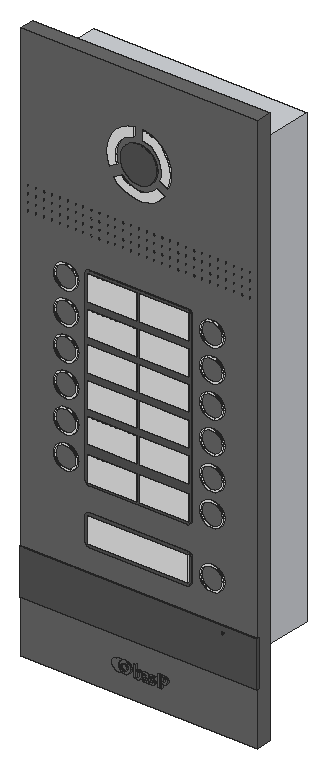
Revit family "BAS-IP_Вызывная панель_BI-12FBI", category Устройства связи, Revit 2019
Family settings
  Сохранять ориентацию аннотаций = Нет
  Размер круглого соединителя = Использовать диаметр
  Тип детали = Нормальный
  На основе рабочей плоскости = Нет
  Всегда вертикально = Да
  При загрузке вырезать с полостями = Нет
  Общий = Нет
  Точка расчета площади = Нет
Parameters (values of type "Черный")
  Цветовое решение = "Черный"
  Цвет = Black
  Угол обзора камеры = "90° (по горизонтали)"
  УГО_Смещение_Y [instance] = 0 mm
  УГО_Смещение_X [instance] = 0 mm
  Тип установки = "Скрытого монтажа, накладной с BR-AA12"
  Тип панели = "Многоабонентская"
  Тип клавиатуры = "Механические кнопки с подсветкой"
  Температурный режим = "-40 – +65 °С"
  Разрешение = "2 Мп"
  Размер самой панели = "156 × 370 × 50 мм"
  Размер под установку = "142 × 358 × 58 мм"
  Потребление питания = "6,5 Вт, в режиме ожидания - 3,6 Вт"
  Питание = "+12 В постоянного тока"
  Ночная подсветка = "6 светодиодов"
  Минимальная освещенность = "0,01 Люкс"
  Корпус = "Алюминий"
  Класс степени защиты = "IP65"
  Камера = "1/3”"
  Изготовитель = "BAS-IP"  # constant formula
  Зона обслуживания [instance] = no
  Дисплей = "Нет"
  Выходное видео = "Full HD (1920 × 1080), H.264 Main Profile"
  IK-код = "IK08"
  ADSK_Размер_Смещение от уровня [instance] = 1000 mm
  ADSK_Примечание [instance] = ""
  ADSK_Позиция [instance] = ""
  ADSK_Наименование = "Многокнопочная вызывная панель на 12 абонентов"
  ADSK_Материал = Black silver
  ADSK_Марка = "BI-12FBI Black"
  ADSK_Количество = 1  # constant formula
  ADSK_Код изделия = ""
  ADSK_Завод-изготовитель = "BAS-IP"  # constant formula
  ADSK_Единица измерения = "шт."  # constant formula
Types (2, lengths in mm): name | Цветовое решение | Цвет | ADSK_Материал | ADSK_Марка
  Серебристый | "Серебристый" | Gray silver | Silver | "BI-12FBI Silver"
  Черный | "Черный" | Black | Black silver | "BI-12FBI Black"
Reference planes
  plane 1 "По центру (Вперед/Назад)": y = 0
  plane 2: z = 0
  plane 3 "По центру (Влево/Вправо)": x = 0
  plane 4: z = 1000
  plane 5: z = 0
  plane 6: y = 0
  plane 7: x = 0
Forms (mm)
  Extrusion 1, solid, detail levels medium+fine
    sketch origin (0, 0, 1000) x (1, 0, 0) y (0, 0, 1)
      loop
        line (-70, 350) -> (-70, 50) -> (70, 50) -> (70, 350) -> (-70, 350)
    from -40 to 0
  Extrusion 2, solid, material "Black silver" <- "ADSK_Материал", detail levels medium+fine
    sketch origin (0, -8, 1000) x (1, 0, 0) y (0, 0, 1)
      loop
        line (-78, 0) -> (78, 0) -> (78, 370) -> (-78, 370) -> (-78, 0)
    from -8 to 2
  Extrusion 3, solid, material "Black" <- "Цвет", detail levels fine
    sketch origin (0, -7.5, 1000) x (1, 0, 0) y (0, 0, 1)
      loop
        line (-78, 65) -> (-78, 35) -> (78, 35) -> (78, 65) -> (-78, 65)
    from 2 to 3
  Extrusion 4, void, detail levels fine
    sketch origin (-4.687, -8, 1014.062) x (1, 0, 0) y (0, 0, 1)
      loop
        circle (60.5, 46.187) r 1
    from 0 to 2.5
  Extrusion 5, void, detail levels fine
    sketch origin (-245.846, -8, 1181.931) x (1, 0, 0) y (0, 0, 1)
      loop
        circle (209.254, 97.039) r 0.5
      loop
        circle (204.316, 97.039) r 0.5
      loop
        circle (199.066, 97.039) r 0.5
      loop
        circle (214.754, 97.039) r 0.5
      loop
        circle (220.004, 97.039) r 0.5
      loop
        circle (193.816, 97.039) r 0.5
      loop
        circle (188.629, 97.039) r 0.5
      loop
        circle (183.379, 97.039) r 0.5
      loop
        circle (178.129, 97.039) r 0.5
      loop
        circle (172.879, 97.039) r 0.5
      loop
        circle (225.316, 97.039) r 0.5
      loop
        circle (230.316, 97.039) r 0.5
      loop
        circle (209.254, 92.039) r 0.5
      loop
        circle (204.316, 92.039) r 0.5
      loop
        circle (199.066, 92.039) r 0.5
      loop
        circle (214.754, 92.039) r 0.5
      loop
        circle (220.004, 92.039) r 0.5
      loop
        circle (193.816, 92.039) r 0.5
      loop
        circle (188.629, 92.039) r 0.5
      loop
        circle (183.379, 92.039) r 0.5
      loop
        circle (178.129, 92.039) r 0.5
      loop
        circle (172.879, 92.039) r 0.5
      loop
        circle (225.316, 92.039) r 0.5
      loop
        circle (230.316, 92.039) r 0.5
      loop
        circle (209.254, 87.039) r 0.5
      loop
        circle (204.316, 87.039) r 0.5
      loop
        circle (199.066, 87.039) r 0.5
      loop
        circle (214.754, 87.039) r 0.5
      loop
        circle (220.004, 87.039) r 0.5
      loop
        circle (193.816, 87.039) r 0.5
      loop
        circle (188.629, 87.039) r 0.5
      loop
        circle (183.379, 87.039) r 0.5
      loop
        circle (178.129, 87.039) r 0.5
      loop
        circle (172.879, 87.039) r 0.5
      loop
        circle (225.316, 87.039) r 0.5
      loop
        circle (230.316, 87.039) r 0.5
      loop
        circle (209.254, 82.039) r 0.5
      loop
        circle (204.316, 82.039) r 0.5
      loop
        circle (199.066, 82.039) r 0.5
      loop
        circle (214.754, 82.039) r 0.5
      loop
        circle (220.004, 82.039) r 0.5
      loop
        circle (193.816, 82.039) r 0.5
      loop
        circle (188.629, 82.039) r 0.5
      loop
        circle (183.379, 82.039) r 0.5
      loop
        circle (178.129, 82.039) r 0.5
      loop
        circle (172.879, 82.039) r 0.5
      loop
        circle (225.316, 82.039) r 0.5
      loop
        circle (230.316, 82.039) r 0.5
      loop
        circle (282.437, 97.039) r 0.5
      loop
        circle (287.375, 97.039) r 0.5
      loop
        circle (292.625, 97.039) r 0.5
      loop
        circle (276.937, 97.039) r 0.5
      loop
        circle (271.687, 97.039) r 0.5
      loop
        circle (297.875, 97.039) r 0.5
      loop
        circle (303.062, 97.039) r 0.5
      loop
        circle (308.312, 97.039) r 0.5
      loop
        circle (313.562, 97.039) r 0.5
      loop
        circle (318.812, 97.039) r 0.5
      loop
        circle (266.375, 97.039) r 0.5
      loop
        circle (261.375, 97.039) r 0.5
      loop
        circle (282.437, 92.039) r 0.5
      loop
        circle (287.375, 92.039) r 0.5
      loop
        circle (292.625, 92.039) r 0.5
      loop
        circle (276.937, 92.039) r 0.5
      loop
        circle (271.687, 92.039) r 0.5
      loop
        circle (297.875, 92.039) r 0.5
      loop
        circle (303.062, 92.039) r 0.5
      loop
        circle (308.312, 92.039) r 0.5
      loop
        circle (313.562, 92.039) r 0.5
      loop
        circle (318.812, 92.039) r 0.5
      loop
        circle (266.375, 92.039) r 0.5
      loop
        circle (261.375, 92.039) r 0.5
      loop
        circle (282.437, 87.039) r 0.5
      loop
        circle (287.375, 87.039) r 0.5
      loop
        circle (292.625, 87.039) r 0.5
      loop
        circle (276.937, 87.039) r 0.5
      loop
        circle (271.687, 87.039) r 0.5
      loop
        circle (297.875, 87.039) r 0.5
      loop
        circle (303.062, 87.039) r 0.5
      loop
        circle (308.312, 87.039) r 0.5
      loop
        circle (313.562, 87.039) r 0.5
      loop
        circle (318.812, 87.039) r 0.5
      loop
        circle (266.375, 87.039) r 0.5
      loop
        circle (261.375, 87.039) r 0.5
      loop
        circle (282.437, 82.039) r 0.5
      loop
        circle (287.375, 82.039) r 0.5
      loop
        circle (292.625, 82.039) r 0.5
      loop
        circle (276.937, 82.039) r 0.5
      loop
        circle (271.687, 82.039) r 0.5
      loop
        circle (297.875, 82.039) r 0.5
      loop
        circle (303.062, 82.039) r 0.5
      loop
        circle (308.312, 82.039) r 0.5
      loop
        circle (313.562, 82.039) r 0.5
      loop
        circle (318.812, 82.039) r 0.5
      loop
        circle (266.375, 82.039) r 0.5
      loop
        circle (261.375, 82.039) r 0.5
    from 1 to 2
  Extrusion 6, void, detail levels fine
    sketch origin (-245.846, -8, 1261.931) x (1, 0, 0) y (0, 0, 1)
      loop
        circle (245.846, 17.039) r 0.5
      loop
        circle (245.846, 12.039) r 0.5
      loop
        circle (245.846, 7.039) r 0.5
      loop
        circle (245.846, 2.039) r 0.5
      loop
        circle (240.596, 17.039) r 0.5
      loop
        circle (240.596, 12.039) r 0.5
      loop
        circle (240.596, 7.039) r 0.5
      loop
        circle (240.596, 2.039) r 0.5
      loop
        circle (235.658, 17.039) r 0.5
      loop
        circle (235.658, 12.039) r 0.5
      loop
        circle (235.658, 7.039) r 0.5
      loop
        circle (235.658, 2.039) r 0.5
      loop
        circle (251.096, 17.039) r 0.5
      loop
        circle (251.096, 12.039) r 0.5
      loop
        circle (251.096, 7.039) r 0.5
      loop
        circle (251.096, 2.039) r 0.5
      loop
        circle (256.033, 17.039) r 0.5
      loop
        circle (256.033, 12.039) r 0.5
      loop
        circle (256.033, 7.039) r 0.5
      loop
        circle (256.033, 2.039) r 0.5
    from 0 to 2
  Extrusion 7, solid, material "Black", detail levels fine
    sketch origin (0, -7.5, 1182.003) x (1, 0, 0) y (0, 0, 1)
      loop
        circle (0, 135.001) r 12
    from 2 to 3
  Extrusion 8, solid, material "White", detail levels fine
    sketch origin (0, -7.5, 1182.003) x (1, 0, 0) y (0, 0, 1)
      loop
        arc (-14.192, 130.272) -> (-13.253, 142.888) -> (-3, 150.299) r 15
        line (-3, 150.299) -> (-3, 156.293)
        arc (-3, 156.293) -> (-18.287, 145.815) -> (-19.322, 127.31) r 21
        line (-19.322, 127.31) -> (-14.192, 130.272)
      loop
        line (14.192, 130.272) -> (19.322, 127.31)
        arc (19.322, 127.31) -> (18.287, 145.815) -> (3, 156.293) r 21
        line (3, 156.293) -> (3, 150.299)
        arc (3, 150.299) -> (13.253, 142.888) -> (14.192, 130.272) r 15
      loop
        line (-11.192, 125.075) -> (-16.322, 122.114)
        arc (-16.322, 122.114) -> (0.221, 113.757) -> (16.939, 121.757) r 21
        line (16.939, 121.757) -> (11.749, 124.754)
        arc (11.749, 124.754) -> (0.204, 119.58) -> (-11.192, 125.075) r 15
    from 2 to 3
  Extrusion 9, solid, material "Black" <- "Цвет", detail levels fine
    sketch origin (203.357, -8, 1000) x (1, 0, 0) y (0, 0, 1)
      loop
        arc (-235.552, 243.301) -> (-237.673, 242.423) -> (-238.552, 240.301) r 3
        line (-238.552, 240.301) -> (-238.552, 119.195)
        arc (-238.552, 119.195) -> (-237.673, 117.074) -> (-235.552, 116.195) r 3
        line (-235.552, 116.195) -> (-171.552, 116.195)
        arc (-171.552, 116.195) -> (-169.431, 117.074) -> (-168.552, 119.195) r 3
        line (-168.552, 119.195) -> (-168.552, 240.301)
        arc (-168.552, 240.301) -> (-169.431, 242.423) -> (-171.552, 243.301) r 3
        line (-171.552, 243.301) -> (-235.552, 243.301)
    from 0 to 2.5
  Extrusion 10, solid, material "Black" <- "Цвет", detail levels fine
    sketch origin (203.357, -8, 898.683) x (1, 0, 0) y (0, 0, 1)
      loop
        arc (-235.552, 201.694) -> (-237.673, 200.816) -> (-238.552, 198.694) r 3
        line (-238.552, 198.694) -> (-238.552, 184.295)
        arc (-238.552, 184.295) -> (-237.673, 182.174) -> (-235.552, 181.295) r 3
        line (-235.552, 181.295) -> (-171.552, 181.295)
        arc (-171.552, 181.295) -> (-169.431, 182.174) -> (-168.552, 184.295) r 3
        line (-168.552, 184.295) -> (-168.552, 198.694)
        arc (-168.552, 198.694) -> (-169.431, 200.816) -> (-171.552, 201.694) r 3
        line (-171.552, 201.694) -> (-235.552, 201.694)
    from 0 to 2.5
  Extrusion 11, solid, material "White", detail levels fine
    sketch origin (203.357, -8, 1000) x (1, 0, 0) y (0, 0, 1)
      loop
        circle (-155.269, 191.655) r 8
      loop
        circle (-155.269, 191.655) r 7
      loop
        circle (-155.269, 170.405) r 8
      loop
        circle (-155.269, 170.405) r 7
      loop
        circle (-155.269, 149.105) r 8
      loop
        circle (-155.269, 149.105) r 7
      loop
        circle (-155.269, 127.805) r 8
      loop
        circle (-155.269, 127.805) r 7
      loop
        circle (-251.445, 191.655) r 8
      loop
        circle (-251.445, 191.655) r 7
      loop
        circle (-251.445, 170.405) r 8
      loop
        circle (-251.445, 170.405) r 7
      loop
        circle (-251.445, 149.105) r 8
      loop
        circle (-251.445, 149.105) r 7
      loop
        circle (-251.445, 127.805) r 8
      loop
        circle (-251.445, 127.805) r 7
      loop
        circle (-155.269, 212.905) r 8
      loop
        circle (-155.269, 212.905) r 7
      loop
        circle (-251.445, 212.905) r 8
      loop
        circle (-251.445, 212.905) r 7
      loop
        circle (-155.269, 234.155) r 8
      loop
        circle (-155.269, 234.155) r 7
      loop
        circle (-251.445, 234.155) r 8
      loop
        circle (-251.445, 234.155) r 7
    from 0 to 2.5
  Extrusion 12, solid, material "White", detail levels fine
    sketch origin (203.357, -8, 1000) x (1, 0, 0) y (0, 0, 1)
      loop
        circle (-155.269, 89.993) r 8
      loop
        circle (-155.269, 89.993) r 7
    from 0 to 2.5
  Extrusion 13, solid, material "White", detail levels fine
    sketch origin (203.357, -8, 1000) x (1, 0, 0) y (0, 0, 1)
      loop
        line (-236.552, 199.195) -> (-236.552, 182.796) -> (-204.357, 182.796) -> (-204.357, 199.195) -> (-236.552, 199.195)
      loop
        line (-236.552, 134.595) -> (-236.552, 118.195) -> (-204.357, 118.195) -> (-204.357, 134.595) -> (-236.552, 134.595)
      loop
        line (-236.552, 178.032) -> (-236.552, 161.633) -> (-204.357, 161.633) -> (-204.357, 178.032) -> (-236.552, 178.032)
      loop
        line (-236.552, 157.089) -> (-236.552, 140.689) -> (-204.357, 140.689) -> (-204.357, 157.089) -> (-236.552, 157.089)
      loop
        line (-170.162, 199.195) -> (-202.357, 199.195) -> (-202.357, 182.796) -> (-170.162, 182.796) -> (-170.162, 199.195)
      loop
        line (-170.162, 134.595) -> (-202.357, 134.595) -> (-202.357, 118.195) -> (-170.162, 118.195) -> (-170.162, 134.595)
      loop
        line (-170.162, 178.032) -> (-202.357, 178.032) -> (-202.357, 161.633) -> (-170.162, 161.633) -> (-170.162, 178.032)
      loop
        line (-170.162, 157.089) -> (-202.357, 157.089) -> (-202.357, 140.689) -> (-170.162, 140.689) -> (-170.162, 157.089)
      loop
        line (-236.552, 241.301) -> (-236.552, 224.902) -> (-204.357, 224.902) -> (-204.357, 241.301) -> (-236.552, 241.301)
      loop
        line (-236.552, 220.138) -> (-236.552, 203.739) -> (-204.357, 203.739) -> (-204.357, 220.138) -> (-236.552, 220.138)
      loop
        line (-170.162, 241.301) -> (-202.357, 241.301) -> (-202.357, 224.902) -> (-170.162, 224.902) -> (-170.162, 241.301)
      loop
        line (-170.162, 220.138) -> (-202.357, 220.138) -> (-202.357, 203.739) -> (-170.162, 203.739) -> (-170.162, 220.138)
    from 0 to 3
  Extrusion 14, solid, material "White", detail levels fine
    sketch origin (203.357, -8, 1000) x (1, 0, 0) y (0, 0, 1)
      loop
        line (-236.552, 98.378) -> (-236.552, 81.978) -> (-170.552, 81.978) -> (-170.552, 98.378) -> (-236.552, 98.378)
    from 0 to 3
  Extrusion 15, solid, not visible, detail levels medium+fine
    sketch origin (0, 0, 0) x (1, 0, 0) y (0, 0, 1)
      loop
        line (-70, 350) -> (-70, 50) -> (70, 50) -> (70, 350) -> (-70, 350)
    from -40 to 0
  Extrusion 16, solid, material "Black silver" <- "ADSK_Материал", not visible, detail levels medium+fine
    sketch origin (0, -8, 0) x (1, 0, 0) y (0, 0, 1)
      loop
        line (-78, 0) -> (78, 0) -> (78, 370) -> (-78, 370) -> (-78, 0)
    from -8 to 2
  Extrusion 17, solid, material "Black" <- "Цвет", not visible, detail levels fine
    sketch origin (0, -7.5, 0) x (1, 0, 0) y (0, 0, 1)
      loop
        line (-78, 65) -> (-78, 35) -> (78, 35) -> (78, 65) -> (-78, 65)
    from 2 to 3
  Extrusion 18, void, not visible, detail levels fine
    sketch origin (-4.687, -8, 14.062) x (1, 0, 0) y (0, 0, 1)
      loop
        circle (60.5, 46.187) r 1
    from 0 to 2.5
  Extrusion 19, void, not visible, detail levels fine
    sketch origin (-245.846, -8, 181.931) x (1, 0, 0) y (0, 0, 1)
      loop
        circle (209.254, 97.039) r 0.5
      loop
        circle (204.316, 97.039) r 0.5
      loop
        circle (199.066, 97.039) r 0.5
      loop
        circle (214.754, 97.039) r 0.5
      loop
        circle (220.004, 97.039) r 0.5
      loop
        circle (193.816, 97.039) r 0.5
      loop
        circle (188.629, 97.039) r 0.5
      loop
        circle (183.379, 97.039) r 0.5
      loop
        circle (178.129, 97.039) r 0.5
      loop
        circle (172.879, 97.039) r 0.5
      loop
        circle (225.316, 97.039) r 0.5
      loop
        circle (230.316, 97.039) r 0.5
      loop
        circle (209.254, 92.039) r 0.5
      loop
        circle (204.316, 92.039) r 0.5
      loop
        circle (199.066, 92.039) r 0.5
      loop
        circle (214.754, 92.039) r 0.5
      loop
        circle (220.004, 92.039) r 0.5
      loop
        circle (193.816, 92.039) r 0.5
      loop
        circle (188.629, 92.039) r 0.5
      loop
        circle (183.379, 92.039) r 0.5
      loop
        circle (178.129, 92.039) r 0.5
      loop
        circle (172.879, 92.039) r 0.5
      loop
        circle (225.316, 92.039) r 0.5
      loop
        circle (230.316, 92.039) r 0.5
      loop
        circle (209.254, 87.039) r 0.5
      loop
        circle (204.316, 87.039) r 0.5
      loop
        circle (199.066, 87.039) r 0.5
      loop
        circle (214.754, 87.039) r 0.5
      loop
        circle (220.004, 87.039) r 0.5
      loop
        circle (193.816, 87.039) r 0.5
      loop
        circle (188.629, 87.039) r 0.5
      loop
        circle (183.379, 87.039) r 0.5
      loop
        circle (178.129, 87.039) r 0.5
      loop
        circle (172.879, 87.039) r 0.5
      loop
        circle (225.316, 87.039) r 0.5
      loop
        circle (230.316, 87.039) r 0.5
      loop
        circle (209.254, 82.039) r 0.5
      loop
        circle (204.316, 82.039) r 0.5
      loop
        circle (199.066, 82.039) r 0.5
      loop
        circle (214.754, 82.039) r 0.5
      loop
        circle (220.004, 82.039) r 0.5
      loop
        circle (193.816, 82.039) r 0.5
      loop
        circle (188.629, 82.039) r 0.5
      loop
        circle (183.379, 82.039) r 0.5
      loop
        circle (178.129, 82.039) r 0.5
      loop
        circle (172.879, 82.039) r 0.5
      loop
        circle (225.316, 82.039) r 0.5
      loop
        circle (230.316, 82.039) r 0.5
      loop
        circle (282.437, 97.039) r 0.5
      loop
        circle (287.375, 97.039) r 0.5
      loop
        circle (292.625, 97.039) r 0.5
      loop
        circle (276.937, 97.039) r 0.5
      loop
        circle (271.687, 97.039) r 0.5
      loop
        circle (297.875, 97.039) r 0.5
      loop
        circle (303.062, 97.039) r 0.5
      loop
        circle (308.312, 97.039) r 0.5
      loop
        circle (313.562, 97.039) r 0.5
      loop
        circle (318.812, 97.039) r 0.5
      loop
        circle (266.375, 97.039) r 0.5
      loop
        circle (261.375, 97.039) r 0.5
      loop
        circle (282.437, 92.039) r 0.5
      loop
        circle (287.375, 92.039) r 0.5
      loop
        circle (292.625, 92.039) r 0.5
      loop
        circle (276.937, 92.039) r 0.5
      loop
        circle (271.687, 92.039) r 0.5
      loop
        circle (297.875, 92.039) r 0.5
      loop
        circle (303.062, 92.039) r 0.5
      loop
        circle (308.312, 92.039) r 0.5
      loop
        circle (313.562, 92.039) r 0.5
      loop
        circle (318.812, 92.039) r 0.5
      loop
        circle (266.375, 92.039) r 0.5
      loop
        circle (261.375, 92.039) r 0.5
      loop
        circle (282.437, 87.039) r 0.5
      loop
        circle (287.375, 87.039) r 0.5
      loop
        circle (292.625, 87.039) r 0.5
      loop
        circle (276.937, 87.039) r 0.5
      loop
        circle (271.687, 87.039) r 0.5
      loop
        circle (297.875, 87.039) r 0.5
      loop
        circle (303.062, 87.039) r 0.5
      loop
        circle (308.312, 87.039) r 0.5
      loop
        circle (313.562, 87.039) r 0.5
      loop
        circle (318.812, 87.039) r 0.5
      loop
        circle (266.375, 87.039) r 0.5
      loop
        circle (261.375, 87.039) r 0.5
      loop
        circle (282.437, 82.039) r 0.5
      loop
        circle (287.375, 82.039) r 0.5
      loop
        circle (292.625, 82.039) r 0.5
      loop
        circle (276.937, 82.039) r 0.5
      loop
        circle (271.687, 82.039) r 0.5
      loop
        circle (297.875, 82.039) r 0.5
      loop
        circle (303.062, 82.039) r 0.5
      loop
        circle (308.312, 82.039) r 0.5
      loop
        circle (313.562, 82.039) r 0.5
      loop
        circle (318.812, 82.039) r 0.5
      loop
        circle (266.375, 82.039) r 0.5
      loop
        circle (261.375, 82.039) r 0.5
    from 1 to 2
  Extrusion 20, void, not visible, detail levels fine
    sketch origin (-245.846, -8, 261.931) x (1, 0, 0) y (0, 0, 1)
      loop
        circle (245.846, 17.039) r 0.5
      loop
        circle (245.846, 12.039) r 0.5
      loop
        circle (245.846, 7.039) r 0.5
      loop
        circle (245.846, 2.039) r 0.5
      loop
        circle (240.596, 17.039) r 0.5
      loop
        circle (240.596, 12.039) r 0.5
      loop
        circle (240.596, 7.039) r 0.5
      loop
        circle (240.596, 2.039) r 0.5
      loop
        circle (235.658, 17.039) r 0.5
      loop
        circle (235.658, 12.039) r 0.5
      loop
        circle (235.658, 7.039) r 0.5
      loop
        circle (235.658, 2.039) r 0.5
      loop
        circle (251.096, 17.039) r 0.5
      loop
        circle (251.096, 12.039) r 0.5
      loop
        circle (251.096, 7.039) r 0.5
      loop
        circle (251.096, 2.039) r 0.5
      loop
        circle (256.033, 17.039) r 0.5
      loop
        circle (256.033, 12.039) r 0.5
      loop
        circle (256.033, 7.039) r 0.5
      loop
        circle (256.033, 2.039) r 0.5
    from 0 to 2
  Extrusion 21, solid, material "Black", not visible, detail levels fine
    sketch origin (0, -7.5, 182.003) x (1, 0, 0) y (0, 0, 1)
      loop
        circle (0, 135.001) r 12
    from 2 to 3
  Extrusion 22, solid, material "White", not visible, detail levels fine
    sketch origin (0, -7.5, 182.003) x (1, 0, 0) y (0, 0, 1)
      loop
        arc (-14.192, 130.272) -> (-13.253, 142.888) -> (-3, 150.299) r 15
        line (-3, 150.299) -> (-3, 156.293)
        arc (-3, 156.293) -> (-18.287, 145.815) -> (-19.322, 127.31) r 21
        line (-19.322, 127.31) -> (-14.192, 130.272)
      loop
        line (14.192, 130.272) -> (19.322, 127.31)
        arc (19.322, 127.31) -> (18.287, 145.815) -> (3, 156.293) r 21
        line (3, 156.293) -> (3, 150.299)
        arc (3, 150.299) -> (13.253, 142.888) -> (14.192, 130.272) r 15
      loop
        line (-11.192, 125.075) -> (-16.322, 122.114)
        arc (-16.322, 122.114) -> (0.221, 113.757) -> (16.939, 121.757) r 21
        line (16.939, 121.757) -> (11.749, 124.754)
        arc (11.749, 124.754) -> (0.204, 119.58) -> (-11.192, 125.075) r 15
    from 2 to 3
  Extrusion 23, solid, material "Black" <- "Цвет", not visible, detail levels fine
    sketch origin (203.357, -8, 0) x (1, 0, 0) y (0, 0, 1)
      loop
        arc (-235.552, 243.301) -> (-237.673, 242.423) -> (-238.552, 240.301) r 3
        line (-238.552, 240.301) -> (-238.552, 119.195)
        arc (-238.552, 119.195) -> (-237.673, 117.074) -> (-235.552, 116.195) r 3
        line (-235.552, 116.195) -> (-171.552, 116.195)
        arc (-171.552, 116.195) -> (-169.431, 117.074) -> (-168.552, 119.195) r 3
        line (-168.552, 119.195) -> (-168.552, 240.301)
        arc (-168.552, 240.301) -> (-169.431, 242.423) -> (-171.552, 243.301) r 3
        line (-171.552, 243.301) -> (-235.552, 243.301)
    from 0 to 2.5
  Extrusion 24, solid, material "Black" <- "Цвет", not visible, detail levels fine
    sketch origin (203.357, -8, -101.317) x (1, 0, 0) y (0, 0, 1)
      loop
        arc (-235.552, 201.694) -> (-237.673, 200.816) -> (-238.552, 198.694) r 3
        line (-238.552, 198.694) -> (-238.552, 184.295)
        arc (-238.552, 184.295) -> (-237.673, 182.174) -> (-235.552, 181.295) r 3
        line (-235.552, 181.295) -> (-171.552, 181.295)
        arc (-171.552, 181.295) -> (-169.431, 182.174) -> (-168.552, 184.295) r 3
        line (-168.552, 184.295) -> (-168.552, 198.694)
        arc (-168.552, 198.694) -> (-169.431, 200.816) -> (-171.552, 201.694) r 3
        line (-171.552, 201.694) -> (-235.552, 201.694)
    from 0 to 2.5
  Extrusion 25, solid, material "White", not visible, detail levels fine
    sketch origin (203.357, -8, 0) x (1, 0, 0) y (0, 0, 1)
      loop
        circle (-155.269, 191.655) r 8
      loop
        circle (-155.269, 191.655) r 7
      loop
        circle (-155.269, 170.405) r 8
      loop
        circle (-155.269, 170.405) r 7
      loop
        circle (-155.269, 149.105) r 8
      loop
        circle (-155.269, 149.105) r 7
      loop
        circle (-155.269, 127.805) r 8
      loop
        circle (-155.269, 127.805) r 7
      loop
        circle (-251.445, 191.655) r 8
      loop
        circle (-251.445, 191.655) r 7
      loop
        circle (-251.445, 170.405) r 8
      loop
        circle (-251.445, 170.405) r 7
      loop
        circle (-251.445, 149.105) r 8
      loop
        circle (-251.445, 149.105) r 7
      loop
        circle (-251.445, 127.805) r 8
      loop
        circle (-251.445, 127.805) r 7
      loop
        circle (-155.269, 212.905) r 8
      loop
        circle (-155.269, 212.905) r 7
      loop
        circle (-251.445, 212.905) r 8
      loop
        circle (-251.445, 212.905) r 7
      loop
        circle (-155.269, 234.155) r 8
      loop
        circle (-155.269, 234.155) r 7
      loop
        circle (-251.445, 234.155) r 8
      loop
        circle (-251.445, 234.155) r 7
    from 0 to 2.5
  Extrusion 26, solid, material "White", not visible, detail levels fine
    sketch origin (203.357, -8, 0) x (1, 0, 0) y (0, 0, 1)
      loop
        circle (-155.269, 89.993) r 8
      loop
        circle (-155.269, 89.993) r 7
    from 0 to 2.5
  Extrusion 27, solid, material "White", not visible, detail levels fine
    sketch origin (203.357, -8, 0) x (1, 0, 0) y (0, 0, 1)
      loop
        line (-236.552, 199.195) -> (-236.552, 182.796) -> (-204.357, 182.796) -> (-204.357, 199.195) -> (-236.552, 199.195)
      loop
        line (-236.552, 134.595) -> (-236.552, 118.195) -> (-204.357, 118.195) -> (-204.357, 134.595) -> (-236.552, 134.595)
      loop
        line (-236.552, 178.032) -> (-236.552, 161.633) -> (-204.357, 161.633) -> (-204.357, 178.032) -> (-236.552, 178.032)
      loop
        line (-236.552, 157.089) -> (-236.552, 140.689) -> (-204.357, 140.689) -> (-204.357, 157.089) -> (-236.552, 157.089)
      loop
        line (-170.162, 199.195) -> (-202.357, 199.195) -> (-202.357, 182.796) -> (-170.162, 182.796) -> (-170.162, 199.195)
      loop
        line (-170.162, 134.595) -> (-202.357, 134.595) -> (-202.357, 118.195) -> (-170.162, 118.195) -> (-170.162, 134.595)
      loop
        line (-170.162, 178.032) -> (-202.357, 178.032) -> (-202.357, 161.633) -> (-170.162, 161.633) -> (-170.162, 178.032)
      loop
        line (-170.162, 157.089) -> (-202.357, 157.089) -> (-202.357, 140.689) -> (-170.162, 140.689) -> (-170.162, 157.089)
      loop
        line (-236.552, 241.301) -> (-236.552, 224.902) -> (-204.357, 224.902) -> (-204.357, 241.301) -> (-236.552, 241.301)
      loop
        line (-236.552, 220.138) -> (-236.552, 203.739) -> (-204.357, 203.739) -> (-204.357, 220.138) -> (-236.552, 220.138)
      loop
        line (-170.162, 241.301) -> (-202.357, 241.301) -> (-202.357, 224.902) -> (-170.162, 224.902) -> (-170.162, 241.301)
      loop
        line (-170.162, 220.138) -> (-202.357, 220.138) -> (-202.357, 203.739) -> (-170.162, 203.739) -> (-170.162, 220.138)
    from 0 to 3
  Extrusion 28, solid, material "White", not visible, detail levels fine
    sketch origin (203.357, -8, 0) x (1, 0, 0) y (0, 0, 1)
      loop
        line (-236.552, 98.378) -> (-236.552, 81.978) -> (-170.552, 81.978) -> (-170.552, 98.378) -> (-236.552, 98.378)
    from 0 to 3
Cuts and joins
  Extrusion 4, Extrusion 5, Extrusion 6 cuts Extrusion 2
  Extrusion 4 cuts Extrusion 3
Dimensions and locks
  "ADSK_Размер_Смещение от уровня": plane 4 to plane 2
  "УГО_Смещение_X": plane 3 "По центру (Влево/Вправо)" to plane 7
  "УГО_Смещение_Y": plane 6 to plane 1 "По центру (Вперед/Назад)"
  aligned and locked: level to plane 2
  aligned and locked: cut or joined group of Extrusion 2, Extrusion 4, Extrusion 5, Extrusion 6 to plane 4
  aligned and locked: nested 5 to plane 6
  aligned and locked: plane 7 to nested 5
Automatic sketch dimensions
  Extrusion 1 sketch curve to Extrusion 1 sketch curve = 300 mm
  Extrusion 2 sketch curve to Extrusion 2 sketch curve = 370 mm
  Extrusion 3 sketch curve to Extrusion 3 sketch curve = 30 mm
  Extrusion 5 sketch curve to Extrusion 5 sketch curve = 0 mm  (x86)
  Extrusion 5 sketch curve to Extrusion 5 sketch curve = 5.25 mm  (x20)
  Extrusion 5 sketch curve to Extrusion 5 sketch curve = 5.188 mm  (x3)
  Extrusion 5 sketch curve to Extrusion 5 sketch curve = 4.937 mm  (x8)
  Extrusion 5 sketch curve to Extrusion 5 sketch curve = 5.5 mm  (x4)
  Extrusion 5 sketch curve to Extrusion 5 sketch curve = 5.313 mm  (x3)
  Extrusion 5 sketch curve to Extrusion 5 sketch curve = 5 mm  (x65)
  Extrusion 6 sketch curve to Extrusion 6 sketch curve = 0 mm  (x19)
  Extrusion 6 sketch curve to Extrusion 6 sketch curve = 4.938 mm  (x8)
  Extrusion 6 sketch curve to Extrusion 6 sketch curve = 5 mm  (x9)
  Extrusion 8 sketch curve to Extrusion 8 sketch curve = 3 mm
  Extrusion 8 sketch curve to Extrusion 8 sketch curve = 5.13 mm  (x3)
  Extrusion 8 sketch curve to Extrusion 8 sketch curve = 0.032 mm
  Extrusion 8 sketch curve to Extrusion 8 sketch curve = 2.443 mm
  Extrusion 8 sketch curve to Extrusion 8 sketch curve = 5.191 mm
  Extrusion 8 sketch curve to Extrusion 8 sketch curve = 0.356 mm
  Extrusion 8 sketch curve to Extrusion 8 sketch curve = 2.997 mm
  Extrusion 8 sketch curve to Extrusion 8 sketch curve = 2.962 mm  (x3)
  Extrusion 8 sketch curve to Extrusion 8 sketch curve = 5.196 mm
  Extrusion 8 sketch curve to Extrusion 8 sketch curve = 5.553 mm
  Extrusion 8 sketch curve to Extrusion 8 sketch curve = 0.754 mm
  Extrusion 8 sketch curve to Extrusion 8 sketch curve = 0 mm
  Extrusion 8 sketch curve to Extrusion 8 sketch curve = 0.061 mm  (x2)
  Extrusion 9 sketch curve to Extrusion 9 sketch curve = 3 mm  (x4)
  Extrusion 9 sketch curve to Extrusion 9 sketch curve = 121.106 mm
  Extrusion 10 sketch curve to Extrusion 10 sketch curve = 3 mm  (x3)
  Extrusion 10 sketch curve to Extrusion 10 sketch curve = 0 mm
  Extrusion 10 sketch curve to Extrusion 10 sketch curve = 14.399 mm
  Extrusion 11 sketch curve to Extrusion 11 sketch curve = 0 mm  (x59)
  Extrusion 11 sketch curve to Extrusion 11 sketch curve = 21.3 mm  (x4)
  Extrusion 11 sketch curve to Extrusion 11 sketch curve = 21.25 mm  (x6)
  Extrusion 12 sketch curve to Extrusion 12 sketch curve = 0 mm  (x4)
  Extrusion 13 sketch curve to Extrusion 13 sketch curve = 0 mm  (x23)
  Extrusion 13 sketch curve to Extrusion 13 sketch curve = 32.195 mm  (x3)
  Extrusion 13 sketch curve to Extrusion 13 sketch curve = 16.399 mm  (x7)
  Extrusion 13 sketch curve to Extrusion 13 sketch curve = 6.095 mm
  Extrusion 13 sketch curve to Extrusion 13 sketch curve = 4.544 mm  (x2)
  Extrusion 13 sketch curve to Extrusion 13 sketch curve = 4.764 mm  (x4)
  Extrusion 14 sketch curve to Extrusion 14 sketch curve = 16.399 mm
  Extrusion 1 sketch curve to Extrusion 1 sketch curve = 140 mm
  Extrusion 2 sketch curve to Extrusion 2 sketch curve = 156 mm
  Extrusion 3 sketch curve to Extrusion 3 sketch curve = 156 mm
  Extrusion 5 sketch curve to Extrusion 5 sketch curve = 31.058 mm
  Extrusion 6 sketch curve to Extrusion 6 sketch curve = 5.25 mm  (x2)
  Extrusion 8 sketch curve to Extrusion 8 sketch curve = 11.192 mm
  Extrusion 8 sketch curve to Extrusion 8 sketch curve = 14.033 mm
  Extrusion 8 sketch curve to Extrusion 8 sketch curve = 0.148 mm  (x2)
  Extrusion 8 sketch curve to Extrusion 8 sketch curve = 0.021 mm
  Extrusion 8 sketch curve to Extrusion 8 sketch curve = 0.403 mm
  Extrusion 8 sketch curve to Extrusion 8 sketch curve = 6 mm
  Extrusion 8 sketch curve to Extrusion 8 sketch curve = 11.335 mm
  Extrusion 9 sketch curve to Extrusion 9 sketch curve = 64 mm
  Extrusion 10 sketch curve to Extrusion 10 sketch curve = 64 mm
  Extrusion 11 sketch curve to Extrusion 11 sketch curve = 96.177 mm
  Extrusion 13 sketch curve to Extrusion 13 sketch curve = 2 mm  (x6)
  Extrusion 14 sketch curve to Extrusion 14 sketch curve = 66 mm
  Extrusion 15 sketch curve to Extrusion 15 sketch curve = 300 mm
  Extrusion 16 sketch curve to Extrusion 16 sketch curve = 370 mm
  Extrusion 17 sketch curve to Extrusion 17 sketch curve = 30 mm
  Extrusion 19 sketch curve to Extrusion 19 sketch curve = 0 mm  (x86)
  Extrusion 19 sketch curve to Extrusion 19 sketch curve = 5.25 mm  (x20)
  Extrusion 19 sketch curve to Extrusion 19 sketch curve = 5.188 mm  (x3)
  Extrusion 19 sketch curve to Extrusion 19 sketch curve = 4.937 mm  (x8)
  Extrusion 19 sketch curve to Extrusion 19 sketch curve = 5.5 mm  (x4)
  Extrusion 19 sketch curve to Extrusion 19 sketch curve = 5.313 mm  (x3)
  Extrusion 19 sketch curve to Extrusion 19 sketch curve = 5 mm  (x65)
  Extrusion 20 sketch curve to Extrusion 20 sketch curve = 0 mm  (x19)
  Extrusion 20 sketch curve to Extrusion 20 sketch curve = 4.938 mm  (x8)
  Extrusion 20 sketch curve to Extrusion 20 sketch curve = 5 mm  (x9)
  Extrusion 22 sketch curve to Extrusion 22 sketch curve = 3 mm
  Extrusion 22 sketch curve to Extrusion 22 sketch curve = 5.13 mm  (x3)
  Extrusion 22 sketch curve to Extrusion 22 sketch curve = 0.032 mm
  Extrusion 22 sketch curve to Extrusion 22 sketch curve = 2.443 mm
  Extrusion 22 sketch curve to Extrusion 22 sketch curve = 5.191 mm
  Extrusion 22 sketch curve to Extrusion 22 sketch curve = 0.356 mm
  Extrusion 22 sketch curve to Extrusion 22 sketch curve = 2.997 mm
  Extrusion 22 sketch curve to Extrusion 22 sketch curve = 2.962 mm  (x3)
  Extrusion 22 sketch curve to Extrusion 22 sketch curve = 5.196 mm
  Extrusion 22 sketch curve to Extrusion 22 sketch curve = 5.553 mm
  Extrusion 22 sketch curve to Extrusion 22 sketch curve = 0.754 mm
  Extrusion 22 sketch curve to Extrusion 22 sketch curve = 0 mm
  Extrusion 22 sketch curve to Extrusion 22 sketch curve = 0.061 mm  (x2)
  Extrusion 23 sketch curve to Extrusion 23 sketch curve = 3 mm  (x4)
  Extrusion 23 sketch curve to Extrusion 23 sketch curve = 121.106 mm
  Extrusion 24 sketch curve to Extrusion 24 sketch curve = 3 mm  (x3)
  Extrusion 24 sketch curve to Extrusion 24 sketch curve = 0 mm
  Extrusion 24 sketch curve to Extrusion 24 sketch curve = 14.399 mm
  Extrusion 25 sketch curve to Extrusion 25 sketch curve = 0 mm  (x59)
  Extrusion 25 sketch curve to Extrusion 25 sketch curve = 21.3 mm  (x4)
  Extrusion 25 sketch curve to Extrusion 25 sketch curve = 21.25 mm  (x6)
  Extrusion 26 sketch curve to Extrusion 26 sketch curve = 0 mm  (x4)
  Extrusion 27 sketch curve to Extrusion 27 sketch curve = 0 mm  (x23)
  Extrusion 27 sketch curve to Extrusion 27 sketch curve = 32.195 mm  (x3)
  Extrusion 27 sketch curve to Extrusion 27 sketch curve = 16.399 mm  (x7)
  Extrusion 27 sketch curve to Extrusion 27 sketch curve = 6.095 mm
  Extrusion 27 sketch curve to Extrusion 27 sketch curve = 4.544 mm  (x2)
  Extrusion 27 sketch curve to Extrusion 27 sketch curve = 4.764 mm  (x4)
  Extrusion 28 sketch curve to Extrusion 28 sketch curve = 16.399 mm
  Extrusion 15 sketch curve to Extrusion 15 sketch curve = 140 mm
  Extrusion 16 sketch curve to Extrusion 16 sketch curve = 156 mm
  Extrusion 17 sketch curve to Extrusion 17 sketch curve = 156 mm
  Extrusion 19 sketch curve to Extrusion 19 sketch curve = 31.058 mm
  Extrusion 20 sketch curve to Extrusion 20 sketch curve = 5.25 mm  (x2)
  Extrusion 22 sketch curve to Extrusion 22 sketch curve = 11.192 mm
  Extrusion 22 sketch curve to Extrusion 22 sketch curve = 14.033 mm
  Extrusion 22 sketch curve to Extrusion 22 sketch curve = 0.148 mm  (x2)
  Extrusion 22 sketch curve to Extrusion 22 sketch curve = 0.021 mm
  Extrusion 22 sketch curve to Extrusion 22 sketch curve = 0.403 mm
  Extrusion 22 sketch curve to Extrusion 22 sketch curve = 6 mm
  Extrusion 22 sketch curve to Extrusion 22 sketch curve = 11.335 mm
  Extrusion 23 sketch curve to Extrusion 23 sketch curve = 64 mm
  Extrusion 24 sketch curve to Extrusion 24 sketch curve = 64 mm
  Extrusion 25 sketch curve to Extrusion 25 sketch curve = 96.177 mm
  Extrusion 27 sketch curve to Extrusion 27 sketch curve = 2 mm  (x6)
  Extrusion 28 sketch curve to Extrusion 28 sketch curve = 66 mm
  radius of Extrusion 4 sketch curve = 1 mm
  radius of Extrusion 5 sketch curve = 0.5 mm  (x96)
  radius of Extrusion 6 sketch curve = 0.5 mm  (x20)
  radius of Extrusion 7 sketch curve = 12 mm
  radius of Extrusion 11 sketch curve = 8 mm  (x12)
  radius of Extrusion 11 sketch curve = 7 mm  (x12)
  radius of Extrusion 12 sketch curve = 8 mm
  radius of Extrusion 12 sketch curve = 7 mm
  radius of Extrusion 18 sketch curve = 1 mm
  radius of Extrusion 19 sketch curve = 0.5 mm  (x96)
  radius of Extrusion 20 sketch curve = 0.5 mm  (x20)
  radius of Extrusion 21 sketch curve = 12 mm
  radius of Extrusion 25 sketch curve = 8 mm  (x12)
  radius of Extrusion 25 sketch curve = 7 mm  (x12)
  radius of Extrusion 26 sketch curve = 8 mm
  radius of Extrusion 26 sketch curve = 7 mm
Nested families
  nested 1: "BAS-IP_Logo_M" at (1.25, -9.5, 1009.912), Материал <- "ADSK_Материал", type "BAS-IP_Logo_M", detail levels fine
    with Материал Black silver
  nested 2: "Зона обслуживания" at (0, 0, 950), visible <- "Зона обслуживания", type "Зона обслуживания", detail levels fine
    with ADSK_Размер_Ширина 258 mm, ADSK_Размер_Высота 479 mm
  nested 3: "BAS-IP_Logo_M" at (1.25, -9.5, 9.912), Материал <- "ADSK_Материал", type "BAS-IP_Logo_M", not visible, detail levels fine
    with Материал Black silver
  nested 4: "Зона обслуживания" at (0, 0, -50), visible <- "Зона обслуживания", type "Зона обслуживания", not visible, detail levels fine
    with ADSK_Размер_Ширина 258 mm, ADSK_Размер_Высота 479 mm
  nested 5: "УГО_Вызывная панель" at (0, 0, 0), type "УГО_Вызывная панель", detail levels coarse+medium
Connectors
  electrical at (0, 20, 1050)
    settings: on Extrusion 1, index 1, voltage 0 V, apparent load 0 VA, apparent load phase1 0 VA, apparent load phase2 0 VA, apparent load phase3 0 VA, power factor 1, load classification "Прочее", number of poles 1, system type 12, power factor state 1, is connector primary yes, connector utility no, sub classification motor no, connector description ""
Definition of nested family "BAS-IP_Logo_M"
  Parameters (values of type "BAS-IP_Logo_M")
    Материал [instance] = none
  Reference planes
    plane 1 "По центру (Вперед/Назад)": y = 0
    plane 2: z = 0
    plane 3 "По центру (Влево/Вправо)": x = 0
  Forms (mm)
    Extrusion 1, solid, material <- "Материал"
      sketch origin (0, 0, 0) x (1, 0, 0) y (0, 0, 1)
        loop
          circle (-10.243, 7.572) r 4
        loop
          circle (-10.243, 7.572) r 2.5
        loop
          circle (-10.243, 7.572) r 1.243
        loop
          line (-4.278, 11.609) -> (-4.278, 3.732)
          arc (-4.278, 3.732) -> (-2.247, 3.328) -> (-0.257, 3.903) r 4.38
          arc (-0.257, 3.903) -> (0.741, 6.101) -> (0.156, 8.443) r 3.668
          arc (0.156, 8.443) -> (-1.569, 9.278) -> (-3.12, 8.15) r 1.865
          line (-3.12, 8.15) -> (-3.12, 11.609) -> (-4.278, 11.609)
        loop
          line (4.381, 6.953) -> (2.708, 6.953)
          arc (2.708, 6.953) -> (1.143, 5.381) -> (2.193, 3.427) r 1.862
          line (2.193, 3.427) -> (5.385, 3.427)
          spline (5.385, 3.427) -> (5.486, 5.401) -> (5.48, 6.79) -> (5.388, 7.706) -> (5.23, 8.264) -> (5.026, 8.577) -> (4.796, 8.758) -> (4.549, 8.897) -> (4.259, 9.009) -> (3.891, 9.099) -> (3.39, 9.158) -> (2.65, 9.166) -> (1.566, 9.098)
          line (1.566, 9.098) -> (1.566, 8.205) -> (3.504, 8.205)
          arc (3.504, 8.205) -> (4.308, 7.835) -> (4.381, 6.953) r 0.878
        loop
          line (4.435, 6.281) -> (2.787, 6.281)
          arc (2.787, 6.281) -> (2.181, 5.255) -> (2.787, 4.229) r 1.171
          line (2.787, 4.229) -> (4.435, 4.229) -> (4.435, 6.281)
        loop
          line (-3.12, 7.277) -> (-3.12, 4.229)
          spline (-3.12, 4.229) -> (-1.778, 4.351) -> (-1.027, 4.671) -> (-0.608, 5.124) -> (-0.387, 5.678) -> (-0.289, 6.314) -> (-0.287, 6.974) -> (-0.427, 7.548) -> (-0.729, 7.952) -> (-1.126, 8.215) -> (-1.608, 8.34) -> (-2.312, 8.201) -> (-3.12, 7.277)
        loop
          spline (9.581, 9.006) -> (7.442, 9.112) -> (6.715, 8.885) -> (6.189, 8.423) -> (5.956, 7.76) -> (6.101, 7.123) -> (6.592, 6.658) -> (7.485, 6.226) -> (8.365, 5.733) -> (8.728, 5.173) -> (8.637, 4.701) -> (7.962, 4.38) -> (5.949, 4.472)
          line (5.949, 4.472) -> (5.865, 3.511)
          spline (5.865, 3.511) -> (7.993, 3.471) -> (9.031, 3.799) -> (9.606, 4.389) -> (9.789, 5.108) -> (9.608, 5.795) -> (9.176, 6.297) -> (8.515, 6.666) -> (7.712, 7.034) -> (7.093, 7.494) -> (7.013, 7.974) -> (7.796, 8.265) -> (9.507, 8.157)
          line (9.507, 8.157) -> (9.581, 9.006)
        loop
          line (11.296, 11.417) -> (11.296, 3.427) -> (12.325, 3.427) -> (12.325, 11.417) -> (11.296, 11.417)
        loop
          line (13.064, 11.417) -> (13.064, 3.427) -> (14.049, 3.427) -> (14.049, 6.359) -> (15.37, 6.359)
          arc (15.37, 6.359) -> (17.899, 8.888) -> (15.37, 11.417) r 2.529
          line (15.37, 11.417) -> (13.064, 11.417)
        loop
          line (14.049, 7.221) -> (15.318, 7.221)
          arc (15.318, 7.221) -> (16.739, 8.701) -> (15.638, 10.433) r 1.661
          line (15.638, 10.433) -> (14.049, 10.433) -> (14.049, 7.221)
      from 0 to 1
    Extrusion 2, solid, material <- "Материал"
      sketch origin (0, 0, 0) x (1, 0, 0) y (0, 0, 1)
        loop
          arc (-12.57, 10.825) -> (-18.868, 7.551) -> (-12.57, 4.276) r 4
          arc (-12.57, 4.276) -> (-14.235, 7.551) -> (-12.57, 10.825) r 4.053
      from 0 to 1
  Dimensions and locks
    aligned and locked: level to plane 2
Definition of nested family "Зона обслуживания"
  Parameters (values of type "Семейство1")
    Зона обслуживания = none
    ADSK_Размер_Ширина = 200 mm
    ADSK_Размер_Глубина = 120 mm
    ADSK_Размер_Высота = 250 mm
  Reference planes
    plane 1 "По центру (Вперед/Назад)": y = 0
    plane 2: z = 0
    plane 3 "По центру (Влево/Вправо)": x = 0
  Forms (mm)
    Extrusion 1, solid, material <- "Зона обслуживания"
      sketch origin (0, 0, 0) x (1, 0, 0) y (0, 1, 0)
        loop
          line (-100, 0) -> (-100, -120) -> (100, -120) -> (100, 0) -> (-100, 0)
      from 0 to 250 <- "ADSK_Размер_Высота"
  Dimensions and locks
    "ADSK_Размер_Глубина": Extrusion 1 sketch curve to plane 1 "По центру (Вперед/Назад)"
    equal spacing: Extrusion 1 sketch curve, plane 3 "По центру (Влево/Вправо)", Extrusion 1 sketch curve
    "ADSK_Размер_Ширина": Extrusion 1 sketch curve to Extrusion 1 sketch curve
    aligned and locked: level to plane 2
  Automatic sketch dimensions
    plane 1 "По центру (Вперед/Назад)" to Extrusion 1 sketch curve = 0 mm
Definition of nested family "УГО_Вызывная панель"
  Reference planes
    plane 1: y = 0
    plane 2: x = 0
  Lines and regions (mm)
    detail lines
      curve 1: line (-2, 0, 0) -> (2, 0, 0)
      curve 2: line (-2.5, -6.5, 0) -> (-2.5, -0.5, 0)
      curve 3: line (2, -7, 0) -> (-2, -7, 0)
      curve 4: line (2.5, -0.5, 0) -> (2.5, -6.5, 0)
      curve 5: arc (2, 0, 0) -> (2.354, -0.146, 0) -> (2.5, -0.5, 0) r 0.5
      curve 6: arc (-2.5, -0.5, 0) -> (-2.354, -0.146, 0) -> (-2, 0, 0) r 0.5
      curve 7: arc (-2, -7, 0) -> (-2.354, -6.854, 0) -> (-2.5, -6.5, 0) r 0.5
      curve 8: arc (2.5, -6.5, 0) -> (2.354, -6.854, 0) -> (2, -7, 0) r 0.5
      curve 9: line (-1.5, -3.39, 0) -> (1.5, -3.39, 0)
      curve 10: line (-1.5, -5.79, 0) -> (-1.5, -3.39, 0)
      curve 11: line (1.5, -5.19, 0) -> (-1.5, -5.19, 0)
      curve 12: line (1.5, -3.39, 0) -> (1.5, -5.79, 0)
      curve 13: circle (0, -1.5, 0) r 0.6 normal (0, 0, 1)
      curve 14: line (-1.5, -3.99, 0) -> (1.5, -3.99, 0)
      curve 15: line (-1.5, -4.59, 0) -> (1.5, -4.59, 0)
      curve 16: line (-0.5, -5.79, 0) -> (-0.5, -3.39, 0)
      curve 17: line (0.5, -5.79, 0) -> (0.5, -3.39, 0)
      curve 18: line (1.5, -5.79, 0) -> (-1.5, -5.79, 0)
